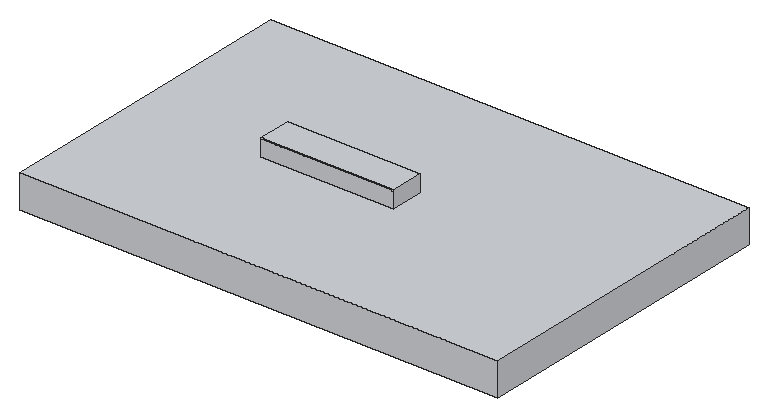
Revit family
Parameters
  Width = 1' - 0"
  URL = "www.coldspringgranite.com"
  TypicalJointSize = 0' - 0 1/4"
  StoneMaterial = none
  SettingSpace = AirGap + Height  # 0' - 7 1/8"
  Product Name = "Stair Tread Stone for Cubic Application - Square Front Edge"
  Product Documentation Link = "http://www.coldspringgranite.com/BIM_Families/Family_Detail/Stair_Tread_Stone_for_Cubic_Application_-_Square_Front_Edge/"
  PhoneNumber = "800-551-7502"
  Notes = ""
  NosingRadius = 0' - 0 1/4"
  Model = "N/A"
  Manufacturer = "Cold Spring Granite Company"
  Low Emitting Material = yes
  Low Emitting Finish = yes
  Location = "17482 Granite West Road, Cold Spring, MN 56320-4578"
  Length = 4' - 0"
  LEED Credit = ""
  Keynote = "096340"
  JointRightOff = no
  JointRight = if(JointRightOff, 0' 0", TypicalJointSize / 2)  # 0' - 0 1/8"
  JointLeftOff = no
  JointLeft = if(JointLeftOff, 0' 0", TypicalJointSize / 2)  # 0' - 0 1/8"
  Height = 0' - 6 1/8"
  HeadSize = 0' - 6"
  Description = "Stone Stair Tread Cubic Square"
  Default Elevation = 0' - 0"
  BackJointWidth = 0' - 3"
  Assembly Code = "C2010100"
  AirGap = 0' - 1"
  ADA Compliant = yes
Reference planes (in)
  plane 1 "Center (Front/Back)": y = 0
  plane 2: z = 0
  plane 3 "Center (Left/Right)": x = 0
  plane 4 "StoneLeft": x = 0.125
  plane 5 "StoneRight": x = 47.875
  plane 6 "Right": x = 48
  plane 7 "StoneBack": y = 12
  plane 8 "StoneFace": z = 7.125
  plane 9 "HeadBottom": z = 1.125
  plane 10 "StoneBottom": z = 1
  plane 11 "BackJoint": y = 3
Forms (in)
  Extrusion 1, solid
    sketch origin (0, 0, 0) x (1, 0, 0) y (0, 1, 0)
      loop
        line (-48, 64.5) -> (-48, -48) -> (124.0595, -48) -> (124.0595, 64.5) -> (-48, 64.5)
    from 0 to -12
  Extrusion 2, solid, material <- "StoneMaterial", detail levels medium+fine
    sketch origin (0, 0, 0) x (0, 1, 0) y (0, 0, 1)
      loop
        line (12, 7.125) -> (0.25, 7.125)
        arc (0.25, 7.125) -> (0.07322, 7.05178) -> (0, 6.875) r 0.25
        line (0, 6.875) -> (0, 1) -> (12, 1) -> (12, 7.125)
    from 0.125 to 47.875
  Extrusion 3, void
    sketch origin (0, 0, 0) x (0, 1, 0) y (0, 0, 1)
      loop
        line (3, 1.125) -> (0, 1.125) -> (0, 0) -> (3, 0) -> (3, 1.125)
    from 0.125 to 47.875
  Extrusion 4, solid, material <- "StoneMaterial", detail levels coarse
    sketch origin (0, 0, 0) x (0, 1, 0) y (0, 0, 1)
      loop
        line (12, 7.125) -> (0, 7.125) -> (0, 1) -> (12, 1) -> (12, 7.125)
    from 0 to 48
Cuts and joins
  Extrusion 3 cuts Extrusion 2
Lines and regions (in)
  Masking region 1, detail levels coarse
    outline origin (0, 0, 0) x (1, 0, 0) y (0, 1, 0)
      loop
        line (0, 12) -> (0, 0) -> (48, 0) -> (48, 12) -> (0, 12)
  Masking region 2, detail levels medium+fine
    outline origin (0, 0, 0) x (1, 0, 0) y (0, 1, 0)
      loop
        line (0.125, 12) -> (0.125, 0) -> (47.875, 0) -> (47.875, 12) -> (0.125, 12)
  Masking region 3, detail levels coarse
    outline origin (0, 0, 0) x (0, 1, 0) y (0, 0, 1)
      loop
        line (12, 7.125) -> (0, 7.125) -> (0, 1) -> (12, 1) -> (12, 7.125)
  Masking region 4, detail levels medium+fine
    outline origin (0, 0, 0) x (0, 1, 0) y (0, 0, 1)
      loop
        line (12, 1) -> (12, 7.125) -> (0.25, 7.125)
        arc (0.25, 7.125) -> (0.07322, 7.05178) -> (0, 6.875) r 0.25
        line (0, 6.875) -> (0, 1.125) -> (3, 1.125) -> (3, 1) -> (12, 1)
  Masking region 5, detail levels coarse
    outline origin (0, 0, 0) x (1, 0, 0) y (0, 0, 1)
      loop
        line (0, 7.125) -> (0, 1) -> (48, 1) -> (48, 7.125) -> (0, 7.125)
  Masking region 6, detail levels medium+fine
    outline origin (0, 0, 0) x (1, 0, 0) y (0, 0, 1)
      loop
        line (0.125, 7.125) -> (0.125, 1.125) -> (47.875, 1.125) -> (47.875, 7.125) -> (0.125, 7.125)
Dimensions and locks (in)
  "Length": plane 3 "Center (Left/Right)" to plane 6 "Right"
  "JointLeft": plane 3 "Center (Left/Right)" to plane 4 "StoneLeft"
  "JointRight": plane 5 "StoneRight" to plane 6 "Right"
  "Width": plane 1 "Center (Front/Back)" to plane 7 "StoneBack"
  "Height": plane 8 "StoneFace" to plane 10 "StoneBottom"
  "SettingSpace": plane 8 "StoneFace" to plane 2
  "HeadSize": plane 8 "StoneFace" to plane 9 "HeadBottom"
  "BackJointWidth": plane 11 "BackJoint" to plane 1 "Center (Front/Back)"
  "NosingRadius": radius of Extrusion 2 sketch curve
  aligned and locked: Extrusion 1 to plane 2
  aligned and locked: level to Extrusion 1
  aligned and locked: Extrusion 2 sketch curve to plane 8 "StoneFace"
  aligned and locked: Extrusion 2 sketch curve to plane 7 "StoneBack"
  aligned and locked: plane 10 "StoneBottom" to Extrusion 2 sketch curve
  aligned and locked: Extrusion 2 sketch curve to plane 1 "Center (Front/Back)"
  aligned and locked: plane 5 "StoneRight" to Extrusion 2
  aligned and locked: Extrusion 2 to plane 4 "StoneLeft"
  aligned and locked: plane 11 "BackJoint" to Extrusion 3 sketch curve
  aligned and locked: plane 2 to Extrusion 3 sketch curve
  aligned and locked: Extrusion 3 sketch curve to plane 1 "Center (Front/Back)"
  aligned and locked: Extrusion 3 sketch curve to plane 9 "HeadBottom"
  aligned and locked: plane 5 "StoneRight" to Extrusion 3
  aligned and locked: Extrusion 3 to plane 4 "StoneLeft"
  aligned and locked: Extrusion 4 sketch curve to plane 8 "StoneFace"
  aligned and locked: Extrusion 4 sketch curve to plane 7 "StoneBack"
  aligned and locked: plane 10 "StoneBottom" to Extrusion 4 sketch curve
  aligned and locked: Extrusion 4 sketch curve to plane 1 "Center (Front/Back)"
  aligned and locked: plane 6 "Right" to Extrusion 4
  aligned and locked: Masking region 1 sketch curve to plane 7 "StoneBack"
  aligned and locked: plane 3 "Center (Left/Right)" to Masking region 1 sketch curve
  aligned and locked: Masking region 1 sketch curve to plane 1 "Center (Front/Back)"
  aligned and locked: Masking region 1 sketch curve to plane 6 "Right"
  aligned and locked: Masking region 2 sketch curve to plane 7 "StoneBack"
  aligned and locked: plane 4 "StoneLeft" to Masking region 2 sketch curve
  aligned and locked: Masking region 2 sketch curve to plane 5 "StoneRight"
  aligned and locked: Masking region 2 sketch curve to plane 1 "Center (Front/Back)"
  aligned and locked: Masking region 3 sketch curve to plane 8 "StoneFace"
  aligned and locked: Masking region 3 sketch curve to plane 7 "StoneBack"
  aligned and locked: plane 10 "StoneBottom" to Masking region 3 sketch curve
  aligned and locked: Masking region 3 sketch curve to plane 1 "Center (Front/Back)"
  aligned and locked: plane 7 "StoneBack" to Masking region 4 sketch curve
  aligned and locked: plane 9 "HeadBottom" to Masking region 4 sketch curve
  aligned and locked: plane 11 "BackJoint" to Masking region 4 sketch curve
  aligned and locked: plane 10 "StoneBottom" to Masking region 4 sketch curve
  aligned and locked: plane 8 "StoneFace" to Masking region 4 sketch curve
  aligned and locked: Masking region 4 sketch curve to cut or joined group of Extrusion 2, Extrusion 3
  aligned and locked: plane 3 "Center (Left/Right)" to Masking region 5 sketch curve
  aligned and locked: Masking region 5 sketch curve to plane 8 "StoneFace"
  aligned and locked: Masking region 5 sketch curve to plane 6 "Right"
  aligned and locked: plane 10 "StoneBottom" to Masking region 5 sketch curve
  aligned and locked: plane 4 "StoneLeft" to Masking region 6 sketch curve
  aligned and locked: Masking region 6 sketch curve to plane 8 "StoneFace"
  aligned and locked: plane 9 "HeadBottom" to Masking region 6 sketch curve
  aligned and locked: Masking region 6 sketch curve to plane 5 "StoneRight"
  aligned and locked: Extrusion 4 to plane 3 "Center (Left/Right)"
Automatic sketch dimensions
  Extrusion 1 sketch curve to Extrusion 1 sketch curve = 14' - 4.0595"
  Extrusion 1 sketch curve to Extrusion 1 sketch curve = 9' - 4 1/2"
Nested families (in)
  nested 1: "CopyRight" at (0, 0, 0), type "CopyRight"
Definition of nested family "CopyRight"
  Parameters (values of type "CopyRight")
    CopyRight = "Cold Spring Granite Company"
  Reference planes (in)
    plane 1: z = 0
